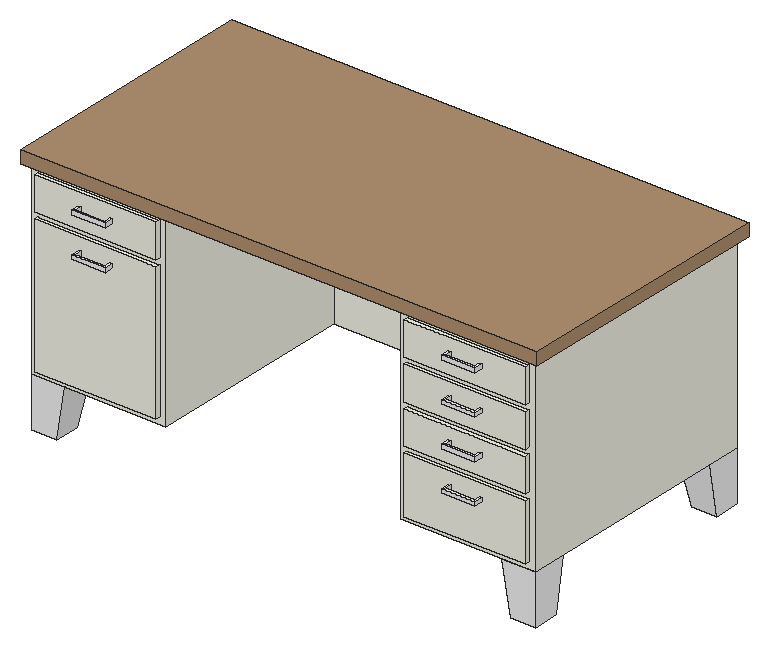
Revit family "M_Desk", category Furniture, Revit 2018
Family settings
  OmniClass Number = 23.40.20.24.31
  OmniClass Title = Desk
  Work Plane-Based = No
  Always vertical = Yes
  Cut with Voids When Loaded = No
  Shared = Yes
  Room Calculation Point = No
Parameters (values of type "1525 x 762mm")
  Assembly Code = ""
  Depth = 762 mm
  Body Material = Laminate, Ivory, Matte
  Handle/Leg Material = Steel, Chrome Plated
  Top Material = Cherry
  Height = 762 mm
  Leg Height = 152 mm
  Width = 1525 mm
Types (3, lengths in mm): name | Depth | Width
  1525 x 762mm | 762 | 1525
  1830 x 915mm | 915 | 1830
  1525 x 762mm Student | 762 | 1525
Reference planes
  plane 1: z = 0
  plane 2: z = 723.9
  plane 3: z = 152
  plane 4: z = 762
  plane 5 "Center (Left/Right)": x = 762
  plane 6 "Center (Front/Back)": y = 381
  plane 7 "Drawer Edge": y = -12.7
  plane 8: x = 202.7
  plane 9: x = 1321.3
  plane 10: z = 304.8
  plane 11: z = 425.45
  plane 12: z = 546.1
  plane 13: z = 666.75
  plane 14: z = 546.1
  plane 15: z = 666.75
  plane 16 "Top": y = 762
  plane 17 "Right": x = 1524.5
  plane 18 "Left": x = -0.5
  plane 19 "Bottom": y = 0
Forms (mm)
  Extrusion 1, solid, material "Laminate, Ivory, Matte" <- "Body Material"
    sketch origin (1524, 762, 0) x (-1, 0, 0) y (0, -1, 0)
      loop
        line (-0.5, 762) -> (-0.5, 0) -> (1524.5, 0) -> (1524.5, 762) -> (1118.1, 762) -> (1118.1, 127) -> (405.9, 127) -> (405.9, 762) -> (-0.5, 762)
    from 152 to 723.9
  Extrusion 2, solid, material "Cherry" <- "Top Material"
    sketch origin (1524, 762, 0) x (-1, 0, 0) y (0, -1, 0)
      loop
        line (-19.55, 781.05) -> (-19.55, -19.05) -> (1543.55, -19.05) -> (1543.55, 781.05) -> (-19.55, 781.05)
    from 723.9 to 762
  Blend 3, solid, material "Steel, Chrome Plated" <- "Handle/Leg Material"
    base sketch origin (1524, 762, 0) x (-1, 0, 0) y (0, -1, 0)
      loop
        line (-0.5, 762) -> (-0.5, 685.8) -> (75.7, 685.8) -> (75.7, 762) -> (-0.5, 762)
    top sketch origin (1524, 762, 0) x (-1, 0, 0) y (0, -1, 0)
      loop
        line (-0.5, 762) -> (-0.5, 660.4) -> (101.1, 660.4) -> (101.1, 762) -> (-0.5, 762)
    from 0 to 152
  Blend 4, solid, material "Steel, Chrome Plated" <- "Handle/Leg Material"
    base sketch origin (1524, 838.2, 0) x (-1, 0, 0) y (0, -1, 0)
      loop
        line (-0.5, 76.2) -> (75.7, 76.2) -> (75.7, 152.4) -> (-0.5, 152.4) -> (-0.5, 76.2)
    top sketch origin (1524, 838.2, 0) x (-1, 0, 0) y (0, -1, 0)
      loop
        line (-0.5, 76.2) -> (101.1, 76.2) -> (101.1, 177.8) -> (-0.5, 177.8) -> (-0.5, 76.2)
    from 0 to 152
  Blend 5, solid, material "Steel, Chrome Plated" <- "Handle/Leg Material"
    base sketch origin (1524, 838.2, 0) x (-1, 0, 0) y (0, -1, 0)
      loop
        line (1524.5, 76.2) -> (1524.5, 152.4) -> (1448.3, 152.4) -> (1448.3, 76.2) -> (1524.5, 76.2)
    top sketch origin (1524, 838.2, 0) x (-1, 0, 0) y (0, -1, 0)
      loop
        line (1524.5, 76.2) -> (1524.5, 177.8) -> (1422.9, 177.8) -> (1422.9, 76.2) -> (1524.5, 76.2)
    from 0 to 152
  Blend 6, solid, material "Steel, Chrome Plated" <- "Handle/Leg Material"
    base sketch origin (1524, 762, 0) x (-1, 0, 0) y (0, -1, 0)
      loop
        line (1524.5, 762) -> (1448.3, 762) -> (1448.3, 685.8) -> (1524.5, 685.8) -> (1524.5, 762)
    top sketch origin (1524, 762, 0) x (-1, 0, 0) y (0, -1, 0)
      loop
        line (1524.5, 762) -> (1422.9, 762) -> (1422.9, 660.4) -> (1524.5, 660.4) -> (1524.5, 762)
    from 0 to 152
  Extrusion 7, solid, material "Laminate, Ivory, Matte" <- "Body Material"
    sketch origin (0, 0, 0) x (-1, 0, 0) y (0, 0, 1)
      loop
        line (-1505.45, 704.85) -> (-1505.45, 602.85) -> (-1137.15, 602.85) -> (-1137.15, 704.85) -> (-1505.45, 704.85)
      loop
        line (-1505.45, 171.05) -> (-1137.15, 171.05) -> (-1137.15, 342.5) -> (-1505.45, 342.5) -> (-1505.45, 171.05)
      loop
        line (-1137.15, 583.8) -> (-1505.45, 583.8) -> (-1505.45, 482.2) -> (-1137.15, 482.2) -> (-1137.15, 583.8)
      loop
        line (-1137.15, 463.15) -> (-1505.45, 463.15) -> (-1505.45, 361.55) -> (-1137.15, 361.55) -> (-1137.15, 463.15)
    from -12.7 to 0
  Extrusion 8, solid, material "Laminate, Ivory, Matte" <- "Body Material"
    sketch origin (-304.8, -152.4, 0) x (1, 0, 0) y (0, 0, -1)
      loop
        line (323.35, -704.85) -> (691.65, -704.85) -> (691.65, -603.25) -> (323.35, -603.25) -> (323.35, -704.85)
      loop
        line (323.35, -171.05) -> (323.35, -584.2) -> (691.65, -584.2) -> (691.65, -171.05) -> (323.35, -171.05)
    from 139.7 to 152.4
  Sweep 9, solid, material "Steel, Chrome Plated" <- "Handle/Leg Material"
    path origin (1524, 762, 0) x (-1, 0, 0) y (0, -1, 0)
      loop
        line (151.9, 774.7) -> (151.9, 800.1) -> (253.5, 800.1) -> (253.5, 774.7)
    profile origin (0, -25.4, 0) x (1, 0, 0) y (0, 0, 1)
      loop
        line (1372.1, 304.8) -> (1365.75, 304.8) -> (1365.75, 292.1) -> (1372.1, 292.1) -> (1372.1, 304.8)
      loop
        line (1372.1, 425.45) -> (1365.75, 425.45) -> (1365.75, 412.75) -> (1372.1, 412.75) -> (1372.1, 425.45)
      loop
        line (1372.1, 546.1) -> (1365.75, 546.1) -> (1365.75, 533.4) -> (1372.1, 533.4) -> (1372.1, 546.1)
      loop
        line (1372.1, 666.75) -> (1365.75, 666.75) -> (1365.75, 654.05) -> (1372.1, 654.05) -> (1372.1, 666.75)
  Sweep 10, solid, material "Steel, Chrome Plated" <- "Handle/Leg Material"
    path origin (1524, 762, 0) x (-1, 0, 0) y (0, -1, 0)
      loop
        line (1372.1, 774.7) -> (1372.1, 800.1) -> (1270.5, 800.1) -> (1270.5, 774.7)
    profile origin (0, -25.4, 0) x (1, 0, 0) y (0, 0, 1)
      loop
        line (151.9, 546.1) -> (151.9, 533.4) -> (158.25, 533.4) -> (158.25, 546.1) -> (151.9, 546.1)
      loop
        line (151.9, 666.75) -> (151.9, 654.05) -> (158.25, 654.05) -> (158.25, 666.75) -> (151.9, 666.75)
Lines and regions (mm)
  Masking region 1
    outline origin (1524, 762, 0) x (-1, 0, 0) y (0, -1, 0)
      loop
        line (-0.5, 762) -> (-0.5, 0) -> (1524.5, 0) -> (1524.5, 762) -> (-0.5, 762)
Dimensions and locks
  "Height": plane 1 to plane 4
  plane 3 to plane 1 = 152 mm
  plane 2 to plane 4 = 38.1 mm
  locked: plane 2 to plane 4 at 38.1
  "Leg Height": plane 3 to plane 1
  Extrusion 1 to Extrusion 7 sketch curve = 19.05 mm
  plane 3 to Extrusion 7 sketch curve = 19.05 mm
  Extrusion 7 sketch curve to plane 2 = 19.05 mm
  plane 13 to Extrusion 7 = 38.1 mm
  plane 12 to Extrusion 7 = 37.7 mm
  plane 11 to Extrusion 7 = 37.7 mm
  plane 10 to Extrusion 7 = 37.7 mm
  plane 15 to Extrusion 8 = 38.1 mm
  plane 14 to Extrusion 8 = 38.1 mm
  locked: plane 9 to plane 17 "Right" at 203.2
  locked: plane 19 "Bottom" to plane 7 "Drawer Edge" at 12.7
  equal spacing: plane 18 "Left", plane 5 "Center (Left/Right)", plane 17 "Right"
  "Width": plane 18 "Left" to plane 17 "Right"
  equal spacing: plane 16 "Top", plane 6 "Center (Front/Back)", plane 19 "Bottom"
  "Depth": plane 16 "Top" to plane 19 "Bottom"
  locked: Extrusion 2 sketch curve to plane 18 "Left" at 19.05
  locked: Extrusion 2 sketch curve to plane 16 "Top" at 19.05
  locked: plane 17 "Right" to Extrusion 2 sketch curve at 19.05
  locked: plane 19 "Bottom" to Extrusion 2 sketch curve at 19.05
  locked: plane 18 "Left" to plane 8 at 203.2
  locked: plane 18 "Left" to Blend 5 sketch curve at 76.2
  locked: plane 16 "Top" to Blend 5 sketch curve at 76.2
  locked: plane 16 "Top" to Blend 4 sketch curve at 76.2
  locked: Blend 4 sketch curve to plane 17 "Right" at 76.2
  locked: plane 16 "Top" to Blend 5 sketch curve at 101.6
  locked: plane 18 "Left" to Blend 5 sketch curve at 101.6
  locked: Blend 4 sketch curve to plane 17 "Right" at 101.6
  locked: plane 16 "Top" to Blend 4 sketch curve at 101.6
  aligned and locked: Extrusion 1 to plane 2
  aligned and locked: plane 2 to Extrusion 2
  aligned and locked: Extrusion 2 to plane 4
  aligned and locked: plane 3 to Extrusion 1
  aligned and locked: Blend 4 to plane 3
  aligned and locked: Blend 5 to plane 3
  aligned and locked: Blend 3 to plane 3
  aligned and locked: Blend 6 to plane 3
  aligned and locked: Extrusion 7 to plane 7 "Drawer Edge"
  aligned and locked: Extrusion 8 to plane 7 "Drawer Edge"
  aligned and locked: Extrusion 1 sketch curve to plane 16 "Top"
  aligned and locked: plane 18 "Left" to Extrusion 1 sketch curve
  aligned and locked: Masking region 1 sketch curve to plane 16 "Top"
  aligned and locked: plane 18 "Left" to Masking region 1 sketch curve
  aligned and locked: plane 19 "Bottom" to Extrusion 8
  aligned and locked: Extrusion 1 to plane 19 "Bottom"
  aligned and locked: plane 19 "Bottom" to Extrusion 1 sketch curve
  aligned and locked: plane 19 "Bottom" to Extrusion 7
  aligned and locked: Blend 5 sketch curve to plane 18 "Left"
  aligned and locked: Blend 5 sketch curve to plane 16 "Top"
  aligned and locked: Blend 4 sketch curve to plane 17 "Right"
  aligned and locked: plane 16 "Top" to Blend 4 sketch curve
Automatic sketch dimensions
  Blend 3 sketch curve to Blend 3 sketch curve = 76.2 mm
  Blend 3 sketch curve to Blend 3 sketch curve = 101.6 mm
  Blend 4 sketch curve to Blend 4 sketch curve = 101.6 mm  (x2)
  Blend 6 sketch curve to Blend 6 sketch curve = 76.2 mm  (x2)
  Blend 6 sketch curve to Blend 6 sketch curve = 101.6 mm  (x2)
  plane 9 to Extrusion 7 sketch curve = 184.15 mm
  Extrusion 7 sketch curve to Extrusion 7 sketch curve = 0 mm  (x5)
  Extrusion 7 sketch curve to Extrusion 7 sketch curve = 171.45 mm
  Extrusion 7 sketch curve to Extrusion 7 sketch curve = 19.05 mm  (x3)
  Extrusion 7 sketch curve to Extrusion 7 sketch curve = 101.6 mm  (x2)
  plane 2 to Extrusion 8 sketch curve = 19.05 mm
  plane 8 to Extrusion 8 sketch curve = 184.15 mm
  Extrusion 8 sketch curve to Extrusion 8 sketch curve = 0 mm
  Extrusion 8 sketch curve to Extrusion 8 sketch curve = 101.6 mm
  Extrusion 8 sketch curve to Extrusion 8 sketch curve = 19.05 mm
  Extrusion 8 sketch curve to plane 3 = 19.05 mm
  Sweep 9 sketch curve to plane 7 "Drawer Edge" = 0 mm  (x2)
  plane 7 "Drawer Edge" to Sweep 9 sketch curve = 25.4 mm
  Sweep 9 sketch curve to plane 9 = 50.8 mm
  plane 9 to Sweep 9 sketch curve = 50.8 mm
  Sweep 9 sketch curve to plane 10 = 0 mm
  Sweep 9 sketch curve to plane 13 = 0 mm
  Sweep 9 sketch curve to plane 12 = 0 mm
  Sweep 9 sketch curve to plane 11 = 0 mm
  Sweep 9 sketch curve to profile plane = 0 mm  (x4)
  Sweep 9 sketch curve to Sweep 9 sketch curve = 6.35 mm  (x4)
  plane 10 to Sweep 9 sketch curve = 12.7 mm
  plane 11 to Sweep 9 sketch curve = 12.7 mm
  plane 12 to Sweep 9 sketch curve = 12.7 mm
  plane 13 to Sweep 9 sketch curve = 12.7 mm
  Sweep 10 sketch curve to plane 7 "Drawer Edge" = 0 mm  (x2)
  plane 7 "Drawer Edge" to Sweep 10 sketch curve = 25.4 mm
  plane 8 to Sweep 10 sketch curve = 50.8 mm
  Sweep 10 sketch curve to plane 8 = 50.8 mm
  Sweep 10 sketch curve to profile plane = 0 mm  (x2)
  Sweep 10 sketch curve to plane 15 = 0 mm
  Sweep 10 sketch curve to plane 14 = 0 mm
  Sweep 10 sketch curve to Sweep 10 sketch curve = 6.35 mm  (x2)
  plane 14 to Sweep 10 sketch curve = 12.7 mm
  plane 15 to Sweep 10 sketch curve = 12.7 mm
  Blend 3 sketch curve to plane 9 = 203.2 mm  (x2)
  Extrusion 7 sketch curve to plane 9 = 184.15 mm
  Blend 5 sketch curve to Blend 5 sketch curve = 101.6 mm  (x2)
  Blend 6 sketch curve to plane 8 = 127 mm
  Blend 6 sketch curve to plane 8 = 101.6 mm
  Extrusion 8 sketch curve to plane 8 = 184.15 mm  (x2)
  Blend 3 sketch curve to plane 7 "Drawer Edge" = 88.9 mm
  Blend 3 sketch curve to plane 7 "Drawer Edge" = 12.7 mm  (x2)
  Blend 3 sketch curve to plane 7 "Drawer Edge" = 114.3 mm
  Blend 6 sketch curve to plane 7 "Drawer Edge" = 88.9 mm
  Blend 6 sketch curve to plane 7 "Drawer Edge" = 114.3 mm
  Masking region 1 sketch curve to plane 17 "Right" = 0 mm
  Masking region 1 sketch curve to plane 19 "Bottom" = 0 mm
  Extrusion 1 sketch curve to plane 17 "Right" = 0 mm
  Extrusion 1 sketch curve to plane 19 "Bottom" = 0 mm
  plane 9 to Extrusion 1 sketch curve = 203.2 mm
  plane 8 to Extrusion 1 sketch curve = 203.2 mm
  Extrusion 1 sketch curve to plane 16 "Top" = 127 mm
